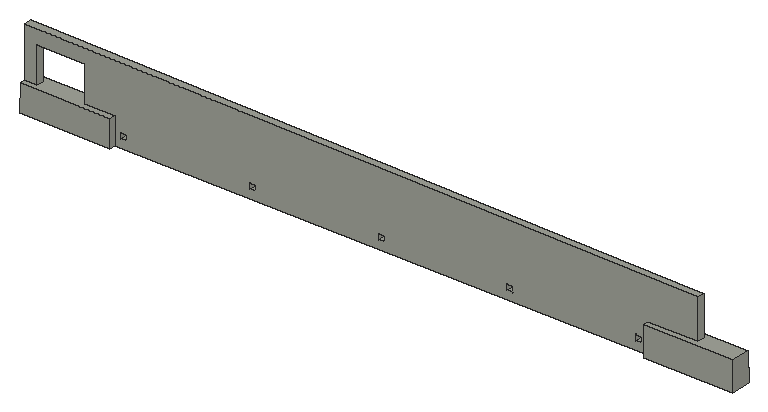
Revit family "CT_Blocos_Viga_Mestra", category Structural Framing, Revit 2025
Family settings
  Display in Hidden Views = Edges Hidden by Other Members
  Structural Framing Length Roundoff = 0.000 m
  Section Shape = Not Defined
  Material for Model Behavior = Concrete
  Always export as geometry = No
  OmniClass Number = 23.25.30.11.14.14
  OmniClass Title = Beams
  Always vertical = Yes
  Cut with Voids When Loaded = No
  Symbolic Representation = From Family
  Shared = No
  Show family pre-cut in plan views = Yes
Parameters (values of type "Viga_012x130_CON_BLC_MST_C")
  Structural Material [instance] = CT_Concreto
  Material_Vigas = CT_Concreto
  H2 [instance] = 1.140 m
  Comprimento_Modulo [instance] = 7.480 m
  Assembly Code = ""
  Length [instance] = 11.920 m
  b = 0.120 m
  h = 1.300 m
Types (2): name
  Viga_012x130_CON_BLC_MST_C
  Viga_012x130_CON_BLC_MST
Reference planes (m)
  plane 1 "Center (Front/Back)": y = 0
  plane 2: z = 0
  plane 3 "Center (Left/Right)": x = 5.20261
  plane 4: y = 0.06
  plane 5: y = -0.06
  plane 6: z = 1.3
  plane 7 "Left": x = -0.75739
  plane 8 "Right": x = 11.16261
  plane 9: z = 1.14
Forms (m)
  Extrusion 1, solid, material "CT_Concreto" <- "Material_Vigas"
    sketch origin (0, 0, 0) x (1, 0, 0) y (0, 0, 1)
      loop
        line (-0.75739, 1.3) -> (-0.75739, 0) -> (11.16261, 0) -> (11.16261, 0.490017) -> (10.49261, 0.490017) -> (10.49261, 1.148993) -> (-0.75739, 1.3)
      loop
        line (-0.55739, 0.45) -> (0.24261, 0.45) -> (0.24261, 1.05) -> (-0.55739, 1.05) -> (-0.55739, 0.45)
      loop
        line (0.84261, 0.135833) -> (0.94261, 0.135833) -> (0.94261, 0.235833) -> (0.84261, 0.235833) -> (0.84261, 0.135833)
      loop
        line (5.15261, 0.135833) -> (5.25261, 0.135833) -> (5.25261, 0.235833) -> (5.15261, 0.235833) -> (5.15261, 0.135833)
      loop
        line (9.56261, 0.135833) -> (9.56261, 0.235833) -> (9.46261, 0.235833) -> (9.46261, 0.135833) -> (9.56261, 0.135833)
      loop
        line (2.99761, 0.135833) -> (3.09761, 0.135833) -> (3.09761, 0.235833) -> (2.99761, 0.235833) -> (2.99761, 0.135833)
      loop
        line (7.40761, 0.135833) -> (7.40761, 0.235833) -> (7.30761, 0.235833) -> (7.30761, 0.135833) -> (7.40761, 0.135833)
    from -0.06 to 0.06
  Extrusion 2, solid, material "CT_Concreto" <- "Material_Vigas"
    sketch origin (-0.06, -0.141258, 0) x (1, 0, 0) y (0, 1, 0)
      loop
        line (11.22261, 0.301258) -> (9.72261, 0.301258) -> (9.72261, -0.018742) -> (11.22261, -0.018742) -> (11.22261, 0.301258)
    from 0 to 0.490017
  Extrusion 3, solid, material "CT_Concreto" <- "Material_Vigas"
    sketch origin (10.46522, -0.141258, 0) x (-1, 0, 0) y (0, -1, 0)
      loop
        line (11.22261, -0.301258) -> (11.22261, 0.018742) -> (9.72261, 0.018742) -> (9.72261, -0.301258) -> (11.22261, -0.301258)
    from 0 to 0.45
Cuts and joins
  joined: Extrusion 1, Extrusion 2, Extrusion 3
Dimensions and locks (m)
  "b": plane 4 to plane 5
  plane 2 to plane 6 = 1.300 m
  equal spacing: plane 4, plane 1 "Center (Front/Back)", plane 5
  "Length": plane 7 "Left" to plane 8 "Right"
  plane 7 "Left" to plane 8 "Right" = 11.920 m
  equal spacing: plane 7 "Left", plane 3 "Center (Left/Right)", plane 8 "Right"
  "h": plane 6 to plane 2
  "H2": plane 9 to level
  Extrusion 2 to Extrusion 1 to Extrusion 1 to Extrusion 2 = 0.100 m, 0.120 m, 0.100 m
  equal spacing: Extrusion 2, plane 1 "Center (Front/Back)", Extrusion 2
  Extrusion 3 to Extrusion 3 = 0.320 m
  Extrusion 2 to Extrusion 2 = 0.490017 m
  aligned and locked: Extrusion 1 to plane 4
  aligned and locked: Extrusion 1 to plane 5
  aligned and locked: Extrusion 1 sketch curve to level
  aligned and locked: Extrusion 2 to plane 8 "Right"
Automatic sketch dimensions
  plane 7 "Left" to Extrusion 1 sketch curve = 0.000 m
  plane 8 "Right" to Extrusion 1 sketch curve = 0.000 m
  Extrusion 1 sketch curve to plane 6 = 0.000 m
  Extrusion 1 sketch curve to plane 7 "Left" = 0.200 m
  Extrusion 1 sketch curve to Extrusion 1 sketch curve = 0.800 m
  level to Extrusion 1 sketch curve = 0.135833 m  (x3)
  Extrusion 1 sketch curve to Extrusion 1 sketch curve = 0.600 m
  Extrusion 1 sketch curve to Extrusion 1 sketch curve = 0.100 m  (x9)
  level to Extrusion 1 sketch curve = 0.235833 m  (x2)
  Extrusion 1 sketch curve to Extrusion 1 sketch curve = 2.055 m  (x2)
  Extrusion 1 sketch curve to plane 3 "Center (Left/Right)" = 0.050 m
  plane 3 "Center (Left/Right)" to Extrusion 1 sketch curve = 0.050 m
  plane 8 "Right" to Extrusion 1 sketch curve = 1.700 m
  Extrusion 1 sketch curve to plane 9 = 0.008993 m
  plane 8 "Right" to Extrusion 1 sketch curve = 0.670 m
  level to Extrusion 1 sketch curve = 0.450 m
  level to Extrusion 1 sketch curve = 0.490017 m
  plane 9 to Extrusion 1 sketch curve = 0.090 m
  Extrusion 2 sketch curve to plane 8 "Right" = 0.000 m
  Extrusion 2 sketch curve to plane 5 = 0.100 m
  plane 8 "Right" to Extrusion 2 sketch curve = 1.500 m
  plane 4 to Extrusion 2 sketch curve = 0.100 m
  Extrusion 3 sketch curve to plane 7 "Left" = 0.000 m
  plane 5 to Extrusion 3 sketch curve = 0.100 m
  Extrusion 3 sketch curve to Extrusion 3 sketch curve = 1.500 m
  Extrusion 3 sketch curve to plane 4 = 0.100 m
